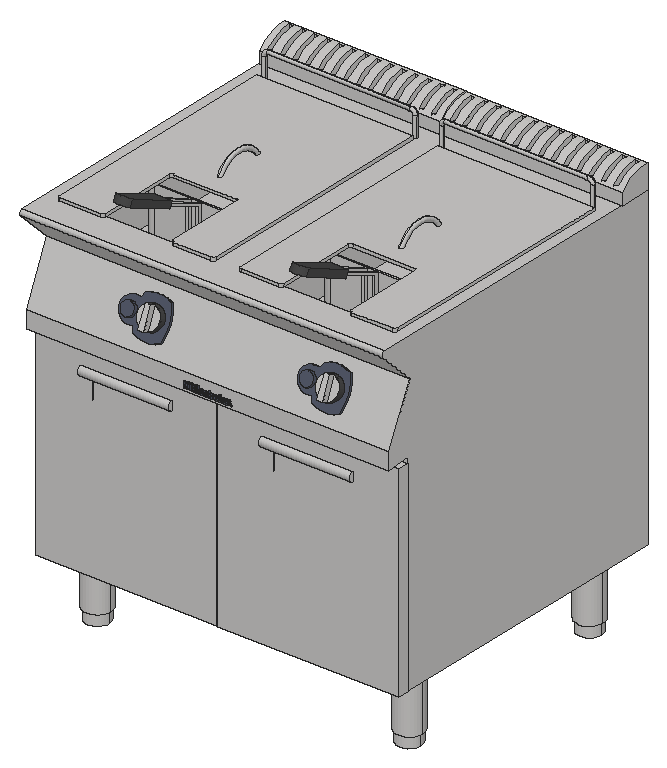
Revit family "QF_ELECTROLUXPROFESSIONAL_371071_E7FRGH2GF0", category Specialty Equipment, Revit 2018
Family settings
  Round Connector Dimension = Use Diameter
  Part Type = Normal
  Work Plane-Based = No
  Always vertical = Yes
  Cut with Voids When Loaded = No
  Shared = No
  Room Calculation Point = No
Parameters
  Width = 800 mm  # constant formula
  Weight in Pounds = 187  # constant formula
  Watts = 0 W
  URL Cutsheet = "www.electrolux.com/foodservice"
  URL = "www.electrolux.com/foodservice"
  Type Mark [instance] = ""
  Status [instance] = ""
  Specification by User [instance] = ""
  Specification by Manufacturer = ""
  Show Logo [instance] = yes
  Show Clearance [instance] = yes
  Serial Number = ""
  Seismic Rating = ""
  SMACNA No = ""
  Revision Code [instance] = ""
  Omniclass Number and Title = ""
  NAFEM Spec ID Number = ""
  Model = "371071"
  Mechanical Remarks [instance] = ""
  Mechanical Connection Type [instance] = ""
  Masterspec = ""
  Manufacturer = "ELECTROLUX"
  Item Number [instance] = ""
  Installed By [instance] = ""
  Identify Quantity as Lot [instance] = yes
  Height = 333 mm  # constant formula
  HP = "0 HP"
  Gas Size = 12.7 mm  # 1/2"
  Gas RI Height [instance] = 0 mm
  Gas KW [instance] = 28  # constant formula
  Gas Input [instance] = 27974.2 VA  # 95452.0 Btu/h
  Gas Connection Height = 0 mm
  Furnished By [instance] = ""
  Foodservice Equipment Identifier [instance] = yes
  Direct Waste Size = 0"
  Description = "700XP Two 15 Lt. Wells Freestanding Gas Fryer - LPG/Natural Gas"
  Depth = 730 mm  # constant formula
  CSI MasterFormat = ""
  CSI Master Format = ""
  Base Height [instance] = 150 mm  # constant formula
Reference planes
  plane 1 "BACK": y = 0
  plane 2: z = 0
  plane 3 "LEFT": x = 0
  plane 4 "RIGHT": x = 800
  plane 5 "FRONT": y = -730
  plane 6 "TOP": z = 905.238
  plane 7 "Center Y": x = 400
  plane 8 "Center X": y = -365
  plane 9 "BASE": z = 601
  plane 10 "TOP A": z = 850.238
  plane 11: y = -597.884
  plane 12: y = -147.637
  plane 13: z = 942.313
  plane 14: z = 150
Forms (mm)
  Extrusion 1, solid, material "QF_Finishes_Stainless Steel"
    sketch origin (0, 0, 0) x (0, 1, 0) y (0, 0, 1)
      loop
        line (0, 850.237) -> (-725.027, 850.237)
        arc (-725.027, 850.237) -> (-730.893, 846.318) -> (-729.517, 839.397) r 6.35
        line (-729.517, 839.397) -> (-657.416, 767.047) -> (-713.522, 646.19) -> (-713.522, 608.09) -> (-660.4, 613.7) -> (-660.4, 150) -> (0, 150) -> (0, 850.237)
      loop
        line (-661.987, 601) -> (-687.387, 601) -> (-687.387, 150) -> (-661.987, 150) -> (-661.987, 601)
    from 0 to 800
  Extrusion 2, solid, material "QF_Finishes_Stainless Steel"
    sketch origin (0, 0, 0) x (0, 1, 0) y (0, 0, 1)
      loop
        line (0, 850.237) -> (0, 905.237)
        arc (0, 905.237) -> (-38.078, 897.879) -> (-69.85, 875.637) r 93.057
        line (-69.85, 875.637) -> (-69.85, 850.237) -> (0, 850.237)
    from 0 to 800
  Extrusion 3, void
    sketch origin (0, 0, 850.238) x (-1, 0, 0) y (0, -1, 0)
      loop
        line (-33.338, 147.762) -> (-33.338, 655.762) -> (-373.012, 655.762) -> (-373.012, 147.762) -> (-33.338, 147.762)
      loop
        line (-766.662, 655.762) -> (-766.662, 147.762) -> (-426.988, 147.762) -> (-426.988, 655.762) -> (-766.662, 655.762)
    from 0 to -152.4
  Extrusion 4, void
    sketch origin (0, 0, 850.238) x (-1, 0, 0) y (0, -1, 0)
      loop
        line (-13.453, 6.761) -> (-13.453, 63.911) -> (-22.749, 63.911) -> (-22.749, 6.761) -> (-13.453, 6.761)
    from 25.4 to 63.5
  Extrusion 5, solid, material "QF_Finishes_Clearance", visible <- "Show Clearance", detail levels coarse
    sketch origin (0, 0, 0) x (1, 0, 0) y (0, 1, 0)
      loop
        line (0, -731.377) -> (0, 0) -> (800, 0) -> (800, -731.377) -> (950.019, -731.377) -> (950.019, 150.019) -> (-150.019, 150.019) -> (-150.019, -731.377) -> (0, -731.377)
    from 0 to 905.237
  Extrusion 6, solid, material "QF_Finishes_Stainless Steel"
    sketch origin (-77.88, -4572, 850.238) x (-1, 0, 0) y (0, -1, 0)
      loop
        arc (-104.867, -3916.238) -> (-106.727, -3911.748) -> (-111.217, -3909.888) r 6.35
        line (-111.217, -3909.888) -> (-200.117, -3909.888)
        arc (-200.117, -3909.888) -> (-204.607, -3911.748) -> (-206.467, -3916.238) r 6.35
        line (-206.467, -3916.238) -> (-206.467, -4090.988)
        arc (-206.467, -4090.988) -> (-208.327, -4095.479) -> (-212.817, -4097.338) r 6.35
        line (-212.817, -4097.338) -> (-349.292, -4097.338)
        arc (-349.292, -4097.338) -> (-353.782, -4095.479) -> (-355.642, -4090.988) r 6.35
        line (-355.642, -4090.988) -> (-355.642, -3916.238)
        arc (-355.642, -3916.238) -> (-357.502, -3911.748) -> (-361.992, -3909.888) r 6.35
        line (-361.992, -3909.888) -> (-444.542, -3909.888)
        arc (-444.542, -3909.888) -> (-449.032, -3911.748) -> (-450.892, -3916.238) r 6.35
        line (-450.892, -3916.238) -> (-450.892, -4459.163) -> (-104.867, -4459.163) -> (-104.867, -3916.238)
      loop
        line (-850.892, -3916.238) -> (-850.892, -4459.163) -> (-504.867, -4459.163) -> (-504.867, -3916.238)
        arc (-504.867, -3916.238) -> (-506.727, -3911.748) -> (-511.217, -3909.888) r 6.35
        line (-511.217, -3909.888) -> (-593.767, -3909.888)
        arc (-593.767, -3909.888) -> (-598.257, -3911.748) -> (-600.117, -3916.238) r 6.35
        line (-600.117, -3916.238) -> (-600.117, -4090.988)
        arc (-600.117, -4090.988) -> (-601.977, -4095.479) -> (-606.467, -4097.338) r 6.35
        line (-606.467, -4097.338) -> (-742.942, -4097.338)
        arc (-742.942, -4097.338) -> (-747.432, -4095.479) -> (-749.292, -4090.988) r 6.35
        line (-749.292, -4090.988) -> (-749.292, -3916.238)
        arc (-749.292, -3916.238) -> (-751.152, -3911.748) -> (-755.642, -3909.888) r 6.35
        line (-755.642, -3909.888) -> (-844.542, -3909.888)
        arc (-844.542, -3909.888) -> (-849.032, -3911.748) -> (-850.892, -3916.238) r 6.35
    from 0 to 6.35
  Sweep 7, solid, material "QF_Finishes_Stainless Steel"
    path origin (0, 36.513, 0) x (1, 0, 0) y (0, 0, 1)
      loop
        line (39.688, 850.238) -> (39.688, 895.713)
        arc (39.688, 895.713) -> (41.547, 900.203) -> (46.038, 902.063) r 6.35
        line (46.038, 902.063) -> (362.669, 902.063)
        arc (362.669, 902.063) -> (367.16, 900.203) -> (369.019, 895.713) r 6.35
        line (369.019, 895.713) -> (369.019, 850.237)
    profile origin (39.688, 36.513, 872.975) x (-1, 0, 0) y (0, -1, 0)
      loop
        circle (2.09, 140.754) r 3.827
  Extrusion 8, solid, material "QF_Finishes_Black"
    sketch origin (271.462, -708.83, 942.26) x (0, 0.906308, -0.422618) y (-1, 0, 0)
      loop
        line (10.103, 47.37) -> (128.716, 47.37) -> (128.716, 84.605) -> (10.103, 84.605)
        arc (10.103, 84.605) -> (-0.124, 65.987) -> (10.103, 47.37) r 22.059
    from -15.884 to 0
  Extrusion 9, solid, material "QF_Finishes_Stainless Steel"
    sketch origin (271.463, 41.275, 0) x (0, 1, 0) y (0, 0, 1)
      loop
        line (-547.91, 741.238) -> (-547.91, 842.715) -> (-635.463, 883.542) -> (-638.147, 877.787) -> (-554.26, 838.67) -> (-554.26, 741.238) -> (-547.91, 741.238)
    from -80.476 to -74.619
  Extrusion 10, solid, material "QF_Finishes_Stainless Steel"
    sketch origin (139.588, 41.275, 0) x (0, 1, 0) y (0, 0, -1)
      loop
        line (-554.26, -838.67) -> (-638.147, -877.787) -> (-635.463, -883.542) -> (-547.91, -842.715) -> (-547.91, -741.238) -> (-554.26, -741.238) -> (-554.26, -838.67)
    from -80.476 to -74.619
  Sweep 11, solid, material "QF_Finishes_Stainless Steel"
    path origin (200.025, -0.124, 0) x (0, 1, 0) y (0, 0, 1)
      loop
        arc (-323.261, 850.238) -> (-377.7, 884.016) -> (-432.139, 850.238) r 60.757
    profile origin (200.025, -377.824, 884.016) x (0, 0, -1) y (1, 0, 0)
      loop
        circle (0, 0) r 4.353
  Sweep 12, solid, material "QF_Finishes_Stainless Steel"
    path origin (600.075, -0.124, 0) x (0, 1, 0) y (0, 0, -1)
      loop
        arc (-323.261, -850.238) -> (-377.7, -884.016) -> (-432.139, -850.238) r 60.757
    profile origin (600.075, -377.824, 884.016) x (0, 0, 1) y (-1, 0, 0)
      loop
        circle (0, 0) r 4.353
  Extrusion 13, solid, material "QF_Finishes_Black"
    sketch origin (528.637, -708.83, 942.26) x (0, 0.906308, -0.422618) y (-1, 0, 0)
      loop
        arc (10.103, -47.27) -> (-0.124, -65.887) -> (10.103, -84.505) r 22.059
        line (10.103, -84.505) -> (128.716, -84.505) -> (128.716, -47.27) -> (10.103, -47.27)
    from -15.884 to 0
  Extrusion 14, solid, material "QF_Finishes_Mesh"
    sketch origin (0, 0, 850.238) x (-1, 0, 0) y (0, -1, 0)
      loop
        arc (-116.625, 189.135) -> (-98.665, 196.575) -> (-91.225, 214.535) r 25.4
        line (-91.225, 214.535) -> (-91.225, 481.11)
        arc (-91.225, 481.11) -> (-98.665, 499.071) -> (-116.625, 506.51) r 25.4
        line (-116.625, 506.51) -> (-294.375, 506.51)
        arc (-294.375, 506.51) -> (-312.336, 499.071) -> (-319.775, 481.11) r 25.4
        line (-319.775, 481.11) -> (-319.775, 214.535)
        arc (-319.775, 214.535) -> (-312.336, 196.575) -> (-294.375, 189.135) r 25.4
        line (-294.375, 189.135) -> (-116.625, 189.135)
      loop
        arc (-116.625, 192.31) -> (-100.91, 198.82) -> (-94.4, 214.535) r 22.225
        line (-94.4, 214.535) -> (-94.4, 481.11)
        arc (-94.4, 481.11) -> (-100.91, 496.826) -> (-116.625, 503.335) r 22.225
        line (-116.625, 503.335) -> (-294.375, 503.335)
        arc (-294.375, 503.335) -> (-310.091, 496.826) -> (-316.6, 481.11) r 22.225
        line (-316.6, 481.11) -> (-316.6, 214.535)
        arc (-316.6, 214.535) -> (-310.091, 198.82) -> (-294.375, 192.31) r 22.225
        line (-294.375, 192.31) -> (-116.625, 192.31)
      loop
        line (-683.375, 189.135) -> (-505.625, 189.135)
        arc (-505.625, 189.135) -> (-487.664, 196.575) -> (-480.225, 214.535) r 25.4
        line (-480.225, 214.535) -> (-480.225, 481.11)
        arc (-480.225, 481.11) -> (-487.664, 499.071) -> (-505.625, 506.51) r 25.4
        line (-505.625, 506.51) -> (-683.375, 506.51)
        arc (-683.375, 506.51) -> (-701.335, 499.071) -> (-708.775, 481.11) r 25.4
        line (-708.775, 481.11) -> (-708.775, 214.535)
        arc (-708.775, 214.535) -> (-701.335, 196.575) -> (-683.375, 189.135) r 25.4
      loop
        line (-683.375, 192.31) -> (-505.625, 192.31)
        arc (-505.625, 192.31) -> (-489.909, 198.82) -> (-483.4, 214.535) r 22.225
        line (-483.4, 214.535) -> (-483.4, 481.11)
        arc (-483.4, 481.11) -> (-489.909, 496.826) -> (-505.625, 503.335) r 22.225
        line (-505.625, 503.335) -> (-683.375, 503.335)
        arc (-683.375, 503.335) -> (-699.09, 496.826) -> (-705.6, 481.11) r 22.225
        line (-705.6, 481.11) -> (-705.6, 214.535)
        arc (-705.6, 214.535) -> (-699.09, 198.82) -> (-683.375, 192.31) r 22.225
    from -109 to -5.315
  Extrusion 15, solid, material "QF_Finishes_Stainless Steel"
    sketch origin (528.637, 41.275, 0) x (0, 1, 0) y (0, 0, -1)
      loop
        line (-547.91, -741.238) -> (-554.26, -741.238) -> (-554.26, -838.67) -> (-638.147, -877.787) -> (-635.463, -883.542) -> (-547.91, -842.715) -> (-547.91, -741.238)
    from -80.476 to -74.619
  Extrusion 16, solid, material "QF_Finishes_Stainless Steel"
    sketch origin (660.512, 41.275, 0) x (0, 1, 0) y (0, 0, 1)
      loop
        line (-554.26, 838.67) -> (-554.26, 741.238) -> (-547.91, 741.238) -> (-547.91, 842.715) -> (-635.463, 883.542) -> (-638.147, 877.787) -> (-554.26, 838.67)
    from -80.476 to -74.619
  Sweep 17, solid, material "QF_Finishes_Stainless Steel"
    path origin (800.1, 36.513, 0) x (-1, 0, 0) y (0, 0, -1)
      loop
        line (39.788, -850.238) -> (39.788, -895.713)
        arc (39.788, -895.713) -> (41.647, -900.203) -> (46.138, -902.063) r 6.35
        line (46.138, -902.063) -> (362.769, -902.063)
        arc (362.769, -902.063) -> (367.26, -900.203) -> (369.119, -895.713) r 6.35
        line (369.119, -895.713) -> (369.119, -850.237)
    profile origin (760.312, 36.513, 872.975) x (-1, 0, 0) y (0, -1, 0)
      loop
        circle (-2.09, 140.754) r 3.827
  Extrusion 18, void
    sketch origin (361.95, 0, 850.237) x (-1, 0, 0) y (0, -1, 0)
      loop
        line (-13.403, 6.761) -> (-13.403, 63.911) -> (-22.699, 63.911) -> (-22.699, 6.761) -> (-13.403, 6.761)
    from 25.4 to 63.5
  Extrusion 19, void
    sketch origin (27.842, 0, 850.238) x (-1, 0, 0) y (0, -1, 0)
      loop
        line (-13.453, 6.761) -> (-13.453, 63.911) -> (-22.749, 63.911) -> (-22.749, 6.761) -> (-13.453, 6.761)
    from 25.4 to 63.5
  Extrusion 20, void
    sketch origin (55.685, 0, 850.238) x (-1, 0, 0) y (0, -1, 0)
      loop
        line (-13.453, 6.761) -> (-13.453, 63.911) -> (-22.749, 63.911) -> (-22.749, 6.761) -> (-13.453, 6.761)
    from 25.4 to 63.5
  Extrusion 21, void
    sketch origin (83.527, 0, 850.238) x (-1, 0, 0) y (0, -1, 0)
      loop
        line (-13.453, 6.761) -> (-13.453, 63.911) -> (-22.749, 63.911) -> (-22.749, 6.761) -> (-13.453, 6.761)
    from 25.4 to 63.5
  Extrusion 22, void
    sketch origin (111.369, 0, 850.237) x (-1, 0, 0) y (0, -1, 0)
      loop
        line (-13.453, 6.761) -> (-13.453, 63.911) -> (-22.749, 63.911) -> (-22.749, 6.761) -> (-13.453, 6.761)
    from 25.4 to 63.5
  Extrusion 23, void
    sketch origin (139.212, 0, 850.237) x (-1, 0, 0) y (0, -1, 0)
      loop
        line (-13.453, 6.761) -> (-13.453, 63.911) -> (-22.749, 63.911) -> (-22.749, 6.761) -> (-13.453, 6.761)
    from 25.4 to 63.5
  Extrusion 24, void
    sketch origin (167.054, 0, 850.237) x (-1, 0, 0) y (0, -1, 0)
      loop
        line (-13.453, 6.761) -> (-13.453, 63.911) -> (-22.749, 63.911) -> (-22.749, 6.761) -> (-13.453, 6.761)
    from 25.4 to 63.5
  Extrusion 25, void
    sketch origin (194.896, 0, 850.237) x (-1, 0, 0) y (0, -1, 0)
      loop
        line (-13.403, 6.761) -> (-13.403, 63.911) -> (-22.699, 63.911) -> (-22.699, 6.761) -> (-13.403, 6.761)
    from 25.4 to 63.5
  Extrusion 26, void
    sketch origin (222.738, 0, 850.237) x (-1, 0, 0) y (0, -1, 0)
      loop
        line (-13.403, 6.761) -> (-13.403, 63.911) -> (-22.699, 63.911) -> (-22.699, 6.761) -> (-13.403, 6.761)
    from 25.4 to 63.5
  Extrusion 27, void
    sketch origin (250.581, 0, 850.237) x (-1, 0, 0) y (0, -1, 0)
      loop
        line (-13.403, 6.761) -> (-13.403, 63.911) -> (-22.699, 63.911) -> (-22.699, 6.761) -> (-13.403, 6.761)
    from 25.4 to 63.5
  Extrusion 28, void
    sketch origin (278.423, 0, 850.237) x (-1, 0, 0) y (0, -1, 0)
      loop
        line (-13.403, 6.761) -> (-13.403, 63.911) -> (-22.699, 63.911) -> (-22.699, 6.761) -> (-13.403, 6.761)
    from 25.4 to 63.5
  Extrusion 29, void
    sketch origin (306.265, 0, 850.237) x (-1, 0, 0) y (0, -1, 0)
      loop
        line (-13.403, 6.761) -> (-13.403, 63.911) -> (-22.699, 63.911) -> (-22.699, 6.761) -> (-13.403, 6.761)
    from 25.4 to 63.5
  Extrusion 30, void
    sketch origin (334.108, 0, 850.237) x (-1, 0, 0) y (0, -1, 0)
      loop
        line (-13.403, 6.761) -> (-13.403, 63.911) -> (-22.699, 63.911) -> (-22.699, 6.761) -> (-13.403, 6.761)
    from 25.4 to 63.5
  Extrusion 31, void
    sketch origin (800.1, 0, 850.237) x (1, 0, 0) y (0, 1, 0)
      loop
        line (-13.553, -6.761) -> (-22.849, -6.761) -> (-22.849, -63.911) -> (-13.553, -63.911) -> (-13.553, -6.761)
    from 25.4 to 63.5
  Extrusion 32, void
    sketch origin (438.15, 0, 850.237) x (1, 0, 0) y (0, 1, 0)
      loop
        line (-13.503, -6.761) -> (-22.799, -6.761) -> (-22.799, -63.911) -> (-13.503, -63.911) -> (-13.503, -6.761)
    from 25.4 to 63.5
  Extrusion 33, void
    sketch origin (772.258, 0, 850.237) x (1, 0, 0) y (0, 1, 0)
      loop
        line (-13.553, -6.761) -> (-22.849, -6.761) -> (-22.849, -63.911) -> (-13.553, -63.911) -> (-13.553, -6.761)
    from 25.4 to 63.5
  Extrusion 34, void
    sketch origin (744.415, 0, 850.237) x (1, 0, 0) y (0, 1, 0)
      loop
        line (-13.553, -6.761) -> (-22.849, -6.761) -> (-22.849, -63.911) -> (-13.553, -63.911) -> (-13.553, -6.761)
    from 25.4 to 63.5
  Extrusion 35, void
    sketch origin (716.573, 0, 850.237) x (1, 0, 0) y (0, 1, 0)
      loop
        line (-13.553, -6.761) -> (-22.849, -6.761) -> (-22.849, -63.911) -> (-13.553, -63.911) -> (-13.553, -6.761)
    from 25.4 to 63.5
  Extrusion 36, void
    sketch origin (688.731, 0, 850.237) x (1, 0, 0) y (0, 1, 0)
      loop
        line (-13.553, -6.761) -> (-22.849, -6.761) -> (-22.849, -63.911) -> (-13.553, -63.911) -> (-13.553, -6.761)
    from 25.4 to 63.5
  Extrusion 37, void
    sketch origin (660.888, 0, 850.237) x (1, 0, 0) y (0, 1, 0)
      loop
        line (-13.553, -6.761) -> (-22.849, -6.761) -> (-22.849, -63.911) -> (-13.553, -63.911) -> (-13.553, -6.761)
    from 25.4 to 63.5
  Extrusion 38, void
    sketch origin (633.046, 0, 850.237) x (1, 0, 0) y (0, 1, 0)
      loop
        line (-13.553, -6.761) -> (-22.849, -6.761) -> (-22.849, -63.911) -> (-13.553, -63.911) -> (-13.553, -6.761)
    from 25.4 to 63.5
  Extrusion 39, void
    sketch origin (605.204, 0, 850.237) x (1, 0, 0) y (0, 1, 0)
      loop
        line (-13.503, -6.761) -> (-22.799, -6.761) -> (-22.799, -63.911) -> (-13.503, -63.911) -> (-13.503, -6.761)
    from 25.4 to 63.5
  Extrusion 40, void
    sketch origin (577.362, 0, 850.237) x (1, 0, 0) y (0, 1, 0)
      loop
        line (-13.503, -6.761) -> (-22.799, -6.761) -> (-22.799, -63.911) -> (-13.503, -63.911) -> (-13.503, -6.761)
    from 25.4 to 63.5
  Extrusion 41, void
    sketch origin (549.519, 0, 850.237) x (1, 0, 0) y (0, 1, 0)
      loop
        line (-13.503, -6.761) -> (-22.799, -6.761) -> (-22.799, -63.911) -> (-13.503, -63.911) -> (-13.503, -6.761)
    from 25.4 to 63.5
  Extrusion 42, void
    sketch origin (521.677, 0, 850.237) x (1, 0, 0) y (0, 1, 0)
      loop
        line (-13.503, -6.761) -> (-22.799, -6.761) -> (-22.799, -63.911) -> (-13.503, -63.911) -> (-13.503, -6.761)
    from 25.4 to 63.5
  Extrusion 43, void
    sketch origin (493.835, 0, 850.237) x (1, 0, 0) y (0, 1, 0)
      loop
        line (-13.503, -6.761) -> (-22.799, -6.761) -> (-22.799, -63.911) -> (-13.503, -63.911) -> (-13.503, -6.761)
    from 25.4 to 63.5
  Extrusion 44, void
    sketch origin (465.992, 0, 850.237) x (1, 0, 0) y (0, 1, 0)
      loop
        line (-13.503, -6.761) -> (-22.799, -6.761) -> (-22.799, -63.911) -> (-13.503, -63.911) -> (-13.503, -6.761)
    from 25.4 to 63.5
  Extrusion 45, void
    sketch origin (418.151, 0, 850.237) x (1, 0, 0) y (0, 1, 0)
      loop
        line (-16.563, 0) -> (-19.738, 0) -> (-19.738, -69.85) -> (-16.563, -69.85) -> (-16.563, 0)
    from 25.4 to 63.5
  Extrusion 46, void
    sketch origin (0, -660.4, 601) x (0, 0, 1) y (-1, 0, 0)
      loop
        line (0, -398.363) -> (-451, -398.363) -> (-451, -401.538) -> (0, -401.538) -> (0, -398.363)
    from 0 to 27
  Extrusion 47, void
    sketch origin (200.025, 0, 0) x (0, 1, 0) y (0, 0, 1)
      loop
        line (-687.137, 541) -> (-687.137, 499.788) -> (-672.137, 541) -> (-687.137, 541)
    from -75 to 75
  Extrusion 48, solid, material "QF_Finishes_Stainless Steel"
    sketch origin (200.025, 0, 0) x (0, 1, 0) y (0, 0, 1)
      loop
        line (-687.137, 541) -> (-687.137, 561)
        arc (-687.137, 561) -> (-697.137, 551) -> (-687.137, 541) r 10
    from -100 to 100
  Extrusion 49, void
    sketch origin (600.075, 0, 0) x (0, 1, 0) y (0, 0, -1)
      loop
        line (-687.137, -541) -> (-672.137, -541) -> (-687.137, -499.788) -> (-687.137, -541)
    from -75 to 75
  Extrusion 50, solid, material "QF_Finishes_Stainless Steel"
    sketch origin (600.075, 0, 0) x (0, 1, 0) y (0, 0, -1)
      loop
        arc (-687.137, -541) -> (-697.137, -551) -> (-687.137, -561) r 10
        line (-687.137, -561) -> (-687.137, -541)
    from -100 to 100
  Revolve 51, solid, material "QF_Finishes_Stainless Steel"
    sketch origin (0, -587.387, 608.09) x (0, 0, 1) y (-1, 0, 0)
      loop
        line (-608.09, -56) -> (-458.09, -56) -> (-458.09, -26) -> (-583.09, -26) -> (-583.09, -29.75) -> (-608.09, -29.75) -> (-608.09, -56)
      axis (-608.09, -56) -> (-458.09, -56)
    angle from 0 to 360
  Revolve 52, solid, material "QF_Finishes_Stainless Steel"
    sketch origin (0, -90, 608.09) x (0, 0, 1) y (-1, 0, 0)
      loop
        line (-608.09, -56) -> (-458.09, -56) -> (-458.09, -26) -> (-583.09, -26) -> (-583.09, -29.75) -> (-608.09, -29.75) -> (-608.09, -56)
      axis (-608.09, -56) -> (-458.09, -56)
    angle from 0 to 360
  Revolve 53, solid, material "QF_Finishes_Stainless Steel"
    sketch origin (800.1, -587.387, 608.09) x (0, 0, 1) y (-1, 0, 0)
      loop
        line (-608.09, 56.1) -> (-608.09, 29.85) -> (-583.09, 29.85) -> (-583.09, 26.1) -> (-458.09, 26.1) -> (-458.09, 56.1) -> (-608.09, 56.1)
      axis (-608.09, 56.1) -> (-458.09, 56.1)
    angle from 0 to 360
  Revolve 54, solid, material "QF_Finishes_Stainless Steel"
    sketch origin (800.1, -90, 608.09) x (0, 0, 1) y (-1, 0, 0)
      loop
        line (-608.09, 56.1) -> (-608.09, 29.85) -> (-583.09, 29.85) -> (-583.09, 26.1) -> (-458.09, 26.1) -> (-458.09, 56.1) -> (-608.09, 56.1)
      axis (-608.09, 56.1) -> (-458.09, 56.1)
    angle from 0 to 360
  Extrusion 55, solid, material "QF_Finishes_Door Clearance", visible <- "Show Clearance", detail levels coarse
    sketch origin (0, 0, 850.238) x (-1, 0, 0) y (0, -1, 0)
      loop
        arc (-401.587, 687.137) -> (-518.28, 968.858) -> (-800, 1085.55) r 398.413
        line (-800, 1085.55) -> (-800, 687.137) -> (-401.587, 687.137)
      loop
        line (-398.412, 687.138) -> (0, 687.137) -> (0, 1085.55)
        arc (0, 1085.55) -> (-281.72, 968.858) -> (-398.412, 687.138) r 398.412
    from -700.237 to -249.237
  Extrusion 56, solid, material "QF_Finishes_Stainless Steel"
    sketch origin (-77.88, -4572, 150) x (-1, 0, 0) y (0, -1, 0)
      loop
        circle (-832.88, -4055) r 6.35
    from 0 to -12.7
  Extrusion 57, solid, material "QF_Finishes_Navy Blue"
    sketch origin (97.175, -713.796, 646.138) x (0, 0.422618, 0.906308) y (-1, 0, 0)
      loop
        arc (105.947, -132.617) -> (100.966, -130.409) -> (95.863, -128.501) r 91.844
        line (95.863, -128.501) -> (95.863, -113.213)
        arc (95.863, -113.213) -> (69.246, -86.596) -> (42.629, -113.213) r 26.617
        line (42.629, -113.213) -> (42.629, -126.69)
        arc (42.629, -126.69) -> (36.919, -128.411) -> (31.333, -130.498) r 91.844
        arc (31.333, -130.498) -> (24.206, -161.14) -> (31.333, -191.783) r 69.441
        arc (31.333, -191.783) -> (68.854, -198.494) -> (105.947, -189.715) r 93.759
        arc (105.947, -189.715) -> (112.176, -161.166) -> (105.947, -132.617) r 68.543
    from 0 to 3.175
  Extrusion 58, solid, material "QF_Finishes_Stainless Steel"
    sketch origin (97.175, -716.674, 647.48) x (0, 0.422618, 0.906308) y (-1, 0, 0)
      loop
        circle (68.826, -160.963) r 25.4
    from 0 to 12.7
  Extrusion 59, solid, material "QF_Finishes_Stainless Steel"
    sketch origin (97.175, -728.184, 652.847) x (0, 0.422618, 0.906308) y (-1, 0, 0)
      loop
        arc (93.558, -166.749) -> (94.226, -160.963) -> (93.558, -155.177) r 25.4
        line (93.558, -155.177) -> (44.094, -155.177)
        arc (44.094, -155.177) -> (43.426, -160.963) -> (44.094, -166.749) r 25.4
        line (44.094, -166.749) -> (93.558, -166.749)
    from 0 to 12.7
  Extrusion 60, solid, material "QF_Finishes_Navy Blue"
    sketch origin (52.175, -716.674, 647.48) x (0, 0.422618, 0.906308) y (-1, 0, 0)
      loop
        circle (68.826, -154.713) r 15
    from 0 to 6.4
  Extrusion 61, solid, material "QF_Finishes_Navy Blue"
    sketch origin (492.175, -713.796, 646.138) x (0, 0.422618, 0.906308) y (-1, 0, 0)
      loop
        arc (105.947, -132.567) -> (100.966, -130.359) -> (95.863, -128.451) r 91.844
        line (95.863, -128.451) -> (95.863, -113.163)
        arc (95.863, -113.163) -> (69.246, -86.546) -> (42.629, -113.163) r 26.617
        line (42.629, -113.163) -> (42.629, -126.64)
        arc (42.629, -126.64) -> (36.919, -128.361) -> (31.333, -130.448) r 91.844
        arc (31.333, -130.448) -> (24.206, -161.09) -> (31.333, -191.733) r 69.441
        arc (31.333, -191.733) -> (68.854, -198.444) -> (105.947, -189.665) r 93.759
        arc (105.947, -189.665) -> (112.176, -161.116) -> (105.947, -132.567) r 68.543
    from 0 to 3.175
  Extrusion 62, solid, material "QF_Finishes_Stainless Steel"
    sketch origin (492.175, -716.674, 647.48) x (0, 0.422618, 0.906308) y (-1, 0, 0)
      loop
        circle (68.826, -160.963) r 25.4
    from 0 to 12.7
  Extrusion 63, solid, material "QF_Finishes_Stainless Steel"
    sketch origin (492.175, -728.184, 652.847) x (0, 0.422618, 0.906308) y (-1, 0, 0)
      loop
        arc (93.558, -166.749) -> (94.226, -160.963) -> (93.558, -155.177) r 25.4
        line (93.558, -155.177) -> (44.094, -155.177)
        arc (44.094, -155.177) -> (43.426, -160.963) -> (44.094, -166.749) r 25.4
        line (44.094, -166.749) -> (93.558, -166.749)
    from 0 to 12.7
  Extrusion 64, solid, material "QF_Finishes_Navy Blue"
    sketch origin (447.175, -716.674, 647.48) x (0, 0.422618, 0.906308) y (-1, 0, 0)
      loop
        circle (68.826, -154.713) r 15
    from 0 to 6.4
  Extrusion 65, solid, material "QF_Finishes_Navy Blue", visible <- "Show Logo"
    sketch origin (60.791, -713.772, 608.09) x (0, 0, 1) y (-1, 0, 0)
      loop
        line (20.674, -296.698) -> (8.307, -296.698)
        arc (8.307, -296.698) -> (14.491, -301.27) -> (20.674, -296.698) r 6.467
      loop
        arc (20.674, -296.069) -> (19.505, -290.926) -> (14.849, -288.448) r 6.338
        line (14.849, -288.448) -> (14.849, -290.494)
        arc (14.849, -290.494) -> (16.333, -294.149) -> (19.778, -296.069) r 5.941
        line (19.778, -296.069) -> (20.674, -296.069)
      loop
        arc (9.203, -296.069) -> (12.648, -294.149) -> (14.132, -290.494) r 5.941
        line (14.132, -290.494) -> (14.132, -288.448)
        arc (14.132, -288.448) -> (9.438, -290.922) -> (8.148, -296.069) r 6.504
        line (8.148, -296.069) -> (9.203, -296.069)
      loop
        line (21.349, -287.979) -> (7.604, -287.979) -> (7.604, -301.742) -> (21.349, -301.742) -> (21.349, -287.979)
      loop
        arc (21.432, -304.71) -> (21.085, -304.352) -> (20.718, -304.69) r 0.358
        arc (20.718, -304.69) -> (20.404, -305.44) -> (19.687, -305.825) r 1.216
        line (19.687, -305.825) -> (9.274, -305.825)
        arc (9.274, -305.825) -> (8.614, -305.548) -> (8.218, -304.951) r 1.238
        arc (8.218, -304.951) -> (7.823, -304.7) -> (7.518, -305.054) r 0.358
        line (7.518, -305.054) -> (7.518, -314.933) -> (10.269, -314.933) -> (10.269, -314.036)
        arc (10.269, -314.036) -> (9.36, -313.456) -> (8.904, -312.479) r 1.928
        line (8.904, -312.479) -> (8.904, -309.98)
        arc (8.904, -309.98) -> (9.18, -309.251) -> (9.868, -308.887) r 1.101
        line (9.868, -308.887) -> (13.955, -308.887) -> (13.955, -312.561)
        arc (13.955, -312.561) -> (13.602, -313.058) -> (13.037, -313.286) r 1.083
        arc (13.037, -313.286) -> (12.773, -313.591) -> (13.065, -313.869) r 0.292
        line (13.065, -313.869) -> (16.028, -313.869)
        arc (16.028, -313.869) -> (16.33, -313.596) -> (16.092, -313.266) r 0.305
        arc (16.092, -313.266) -> (15.601, -313.018) -> (15.296, -312.561) r 1.083
        line (15.296, -312.561) -> (15.296, -308.887) -> (19.973, -308.887) -> (19.973, -312.635)
        arc (19.973, -312.635) -> (19.759, -313.39) -> (19.153, -313.888) r 1.314
        arc (19.153, -313.888) -> (18.934, -314.292) -> (19.288, -314.585) r 0.361
        line (19.288, -314.585) -> (21.432, -314.585) -> (21.432, -304.71)
      loop
        arc (20.715, -315.365) -> (20.335, -316.284) -> (19.416, -316.664) r 1.299
        line (19.416, -316.664) -> (9.837, -316.664)
        arc (9.837, -316.664) -> (8.999, -316.286) -> (8.728, -315.408) r 1.118
        line (8.728, -315.408) -> (7.518, -315.408) -> (7.518, -320.758) -> (8.706, -320.758)
        arc (8.706, -320.758) -> (8.978, -319.841) -> (9.848, -319.445) r 1.153
        line (9.848, -319.445) -> (21.92, -319.445) -> (20.715, -315.365)
      loop
        line (12.483, -323.394) -> (12.483, -329.842) -> (13.282, -329.842)
        arc (13.282, -329.842) -> (15.862, -328.857) -> (17.131, -326.404) r 3.874
        line (17.131, -326.404) -> (17.131, -324.643)
        arc (17.131, -324.643) -> (15.944, -321.778) -> (13.08, -320.592) r 4.051
        line (13.08, -320.592) -> (11.072, -320.592)
        arc (11.072, -320.592) -> (8.253, -322.077) -> (7.202, -325.084) r 4.352
        arc (7.202, -325.084) -> (7.566, -327.547) -> (8.943, -329.621) r 5.713
        line (8.943, -329.621) -> (9.892, -329.621)
        arc (9.892, -329.621) -> (9.16, -328.052) -> (8.943, -326.334) r 5.579
        arc (8.943, -326.334) -> (9.737, -324.371) -> (11.616, -323.394) r 3.057
        line (11.616, -323.394) -> (12.483, -323.394)
      loop
        line (13.742, -323.394) -> (13.742, -326.977)
        arc (13.742, -326.977) -> (15.199, -327.024) -> (16.082, -325.864) r 1.59
        line (16.082, -325.864) -> (16.082, -325.034)
        arc (16.082, -325.034) -> (15.217, -323.779) -> (13.742, -323.394) r 2.184
      loop
        arc (16.533, -339.259) -> (17.022, -337.585) -> (17.179, -335.848) r 9.023
        line (17.179, -335.848) -> (17.179, -334.486)
        arc (17.179, -334.486) -> (16.02, -331.686) -> (13.22, -330.527) r 3.959
        line (13.22, -330.527) -> (10.62, -330.527)
        arc (10.62, -330.527) -> (8.338, -331.819) -> (7.221, -334.192) r 4.331
        line (7.221, -334.192) -> (7.221, -336.327)
        arc (7.221, -336.327) -> (7.729, -337.877) -> (8.651, -339.223) r 5.772
        arc (8.651, -339.223) -> (9.412, -339.274) -> (9.499, -338.515) r 0.553
        arc (9.499, -338.515) -> (9.111, -337.781) -> (8.977, -336.962) r 2.573
        line (8.977, -336.962) -> (8.977, -335.447)
        arc (8.977, -335.447) -> (9.983, -333.806) -> (11.798, -333.163) r 2.884
        line (11.798, -333.163) -> (13.077, -333.163)
        arc (13.077, -333.163) -> (14.898, -333.723) -> (15.824, -335.388) r 2.554
        line (15.824, -335.388) -> (15.824, -336.441)
        arc (15.824, -336.441) -> (15.493, -337.369) -> (14.836, -338.104) r 2.564
        arc (14.836, -338.104) -> (14.614, -338.821) -> (15.223, -339.259) r 0.643
        line (15.223, -339.259) -> (16.533, -339.259)
      loop
        line (15.515, -339.53) -> (15.515, -341.031) -> (9.467, -341.031)
        arc (9.467, -341.031) -> (7.879, -341.688) -> (7.221, -343.276) r 2.246
        line (7.221, -343.276) -> (7.221, -344.86)
        arc (7.221, -344.86) -> (7.535, -345.725) -> (8.035, -346.496) r 4.06
        arc (8.035, -346.496) -> (8.768, -346.629) -> (9.019, -345.928) r 0.576
        arc (9.019, -345.928) -> (8.913, -345.403) -> (8.977, -344.87) r 1.69
        arc (8.977, -344.87) -> (9.519, -344.082) -> (10.425, -343.779) r 1.506
        line (10.425, -343.779) -> (15.563, -343.779) -> (15.563, -346.176) -> (16.119, -346.733) -> (16.941, -346.733) -> (16.941, -343.873) -> (20.172, -343.873) -> (15.515, -339.53)
      loop
        line (7.438, -347.63) -> (7.438, -353.017) -> (8.548, -353.017)
        arc (8.548, -353.017) -> (8.942, -352.066) -> (9.893, -351.672) r 1.345
        line (9.893, -351.672) -> (13.509, -351.672)
        arc (13.509, -351.672) -> (14.274, -352.264) -> (14.564, -353.186) r 1.615
        line (14.564, -353.186) -> (14.564, -354.742) -> (17.119, -355.427) -> (17.119, -354.044) -> (15.177, -351.485) -> (17.057, -351.485) -> (16.773, -348.779)
        arc (16.773, -348.779) -> (16.333, -348.249) -> (15.674, -348.45) r 0.621
        arc (15.674, -348.45) -> (15.274, -348.792) -> (14.78, -348.975) r 1.501
        line (14.78, -348.975) -> (9.893, -348.975)
        arc (9.893, -348.975) -> (8.942, -348.581) -> (8.548, -347.63) r 1.345
        line (8.548, -347.63) -> (7.438, -347.63)
      loop
        line (13.54, -354.964) -> (10.848, -354.964)
        arc (10.848, -354.964) -> (8.403, -356.272) -> (7.269, -358.803) r 4.288
        arc (7.269, -358.803) -> (7.205, -360.183) -> (7.269, -361.563) r 15.022
        arc (7.269, -361.563) -> (8.403, -364.094) -> (10.848, -365.401) r 4.288
        line (10.848, -365.401) -> (13.54, -365.401)
        arc (13.54, -365.401) -> (15.986, -364.094) -> (17.119, -361.563) r 4.288
        arc (17.119, -361.563) -> (17.183, -360.183) -> (17.119, -358.803) r 15.022
        arc (17.119, -358.803) -> (15.986, -356.272) -> (13.54, -354.964) r 4.288
      loop
        line (13.745, -358.078) -> (10.643, -358.078)
        arc (10.643, -358.078) -> (8.486, -360.235) -> (10.643, -362.392) r 2.157
        line (10.643, -362.392) -> (13.745, -362.392)
        arc (13.745, -362.392) -> (15.902, -360.235) -> (13.745, -358.078) r 2.157
      loop
        arc (20.726, -365.26) -> (20.355, -366.154) -> (19.461, -366.524) r 1.264
        line (19.461, -366.524) -> (9.597, -366.524)
        arc (9.597, -366.524) -> (8.727, -366.127) -> (8.455, -365.211) r 1.153
        line (8.455, -365.211) -> (7.518, -365.211) -> (7.518, -370.319) -> (8.446, -370.319)
        arc (8.446, -370.319) -> (8.805, -369.547) -> (9.597, -369.232) r 1.153
        line (9.597, -369.232) -> (21.92, -369.232) -> (20.726, -365.26)
      loop
        arc (15.846, -369.857) -> (15.647, -370.921) -> (14.678, -371.403) r 1.215
        line (14.678, -371.403) -> (9.658, -371.403)
        arc (9.658, -371.403) -> (8.043, -372.051) -> (7.322, -373.634) r 2.338
        line (7.322, -373.634) -> (7.322, -375.148)
        arc (7.322, -375.148) -> (7.497, -376.152) -> (7.999, -377.038) r 2.979
        line (7.999, -377.038) -> (7.518, -378.835) -> (7.518, -380.524) -> (16.943, -380.524) -> (16.649, -376.32) -> (15.863, -376.32)
        arc (15.863, -376.32) -> (15.507, -377.156) -> (14.755, -377.665) r 1.605
        line (14.755, -377.665) -> (9.652, -377.665)
        arc (9.652, -377.665) -> (9.232, -376.728) -> (9.159, -375.704) r 2.94
        arc (9.159, -375.704) -> (9.72, -374.603) -> (10.873, -374.16) r 1.724
        line (10.873, -374.16) -> (17.07, -374.16) -> (15.846, -369.857)
      loop
        line (16.874, -381.377) -> (15.202, -383.423) -> (12.028, -385.729) -> (8.572, -382.617)
        arc (8.572, -382.617) -> (8.335, -382.223) -> (8.357, -381.764) r 0.789
        line (8.357, -381.764) -> (7.518, -381.764) -> (7.518, -385.309) -> (8.344, -385.309)
        arc (8.344, -385.309) -> (8.686, -384.947) -> (9.176, -385.039) r 0.52
        line (9.176, -385.039) -> (10.976, -386.51) -> (8.858, -387.886)
        arc (8.858, -387.886) -> (8.457, -387.576) -> (8.37, -387.076) r 0.7
        line (8.37, -387.076) -> (7.518, -387.076) -> (7.518, -393.003) -> (8.405, -393.003)
        arc (8.405, -393.003) -> (8.472, -392.344) -> (8.866, -391.813) r 1.247
        line (8.866, -391.813) -> (13.066, -388.532) -> (15.513, -390.585) -> (16.874, -392.327) -> (16.874, -388.604) -> (15.389, -389.026) -> (13.868, -387.749) -> (15.568, -386.559) -> (16.874, -387.336) -> (16.874, -381.377)
    from 0 to 1.644
Cuts and joins
  Extrusion 3, Extrusion 4, Extrusion 46, Extrusion 47, Extrusion 49 cuts Extrusion 1
  Extrusion 4, Extrusion 18, Extrusion 19, Extrusion 20, Extrusion 21, Extrusion 22, Extrusion 23, Extrusion 24, Extrusion 25, Extrusion 26, Extrusion 27, Extrusion 28, Extrusion 29, Extrusion 30, Extrusion 31, Extrusion 32, Extrusion 33, Extrusion 34, Extrusion 35, Extrusion 36, Extrusion 37, Extrusion 38, Extrusion 39, Extrusion 40, Extrusion 41, Extrusion 42, Extrusion 43, Extrusion 44, Extrusion 45 cuts Extrusion 2
  joined: Extrusion 6, Sweep 11, Sweep 12
  Extrusion 18, Extrusion 19, Extrusion 20, Extrusion 21, Extrusion 22, Extrusion 23, Extrusion 24, Extrusion 25, Extrusion 26, Extrusion 27, Extrusion 28, Extrusion 29, Extrusion 30, Extrusion 31, Extrusion 32, Extrusion 33, Extrusion 34, Extrusion 35, Extrusion 36, Extrusion 37, Extrusion 38, Extrusion 39, Extrusion 40, Extrusion 41, Extrusion 42, Extrusion 43, Extrusion 44, Extrusion 45, Extrusion 47, Extrusion 49 cuts Extrusion 5
  Extrusion 47, Extrusion 49 cuts Extrusion 48
  Extrusion 49 cuts Extrusion 50
Lines and regions (mm)
  symbolic lines, style "QF-Clearances", visible <- "Show Clearance", detail levels coarse
    curve 1: line (-150.019, 150.019, 850.238) -> (-150.019, -731.377, 850.238)
    curve 2: line (950.019, 150.019, 850.237) -> (-150.019, 150.019, 850.238)
    curve 3: line (950.019, -731.377, 850.237) -> (950.019, 150.019, 850.237)
  symbolic lines
    curve 4: line (0, 0, 850.238) -> (800, 0, 850.237)
    curve 5: line (0, -730, 850.238) -> (0, 0, 850.238)
    curve 6: line (800, -730, 850.237) -> (0, -730, 850.238)
    curve 7: line (800, 0, 850.237) -> (800, -730, 850.237)
    curve 8: line (22.699, -6.761, 850.238) -> (22.699, -63.911, 850.238)
    curve 9: line (13.403, -63.911, 850.238) -> (13.403, -6.761, 850.238)
    curve 10: line (13.403, -6.761, 850.238) -> (22.699, -6.761, 850.238)
    curve 11: line (26.988, -112.837, 850.238) -> (26.988, -655.762, 850.238)
    curve 12: arc (26.988, -655.762, 850.238) -> (28.847, -660.252, 850.238) -> (33.338, -662.112, 850.238) r 6.35
    curve 13: line (33.338, -662.112, 850.238) -> (122.188, -662.112, 850.237)
    curve 14: arc (122.188, -662.112, 850.237) -> (126.678, -660.252, 850.237) -> (128.538, -655.762, 850.237) r 6.35
    curve 15: line (128.538, -655.762, 850.237) -> (128.538, -481.012, 850.237)
    curve 16: arc (128.537, -481.012, 850.237) -> (130.397, -476.521, 850.237) -> (134.887, -474.662, 850.237) r 6.35
    curve 17: line (134.887, -474.662, 850.237) -> (271.412, -474.662, 850.237)
    curve 18: arc (271.412, -474.662, 850.237) -> (275.903, -476.521, 850.237) -> (277.762, -481.012, 850.237) r 6.35
    curve 19: line (277.762, -481.012, 850.237) -> (277.762, -655.762, 850.237)
    curve 20: arc (277.762, -655.762, 850.237) -> (279.622, -660.252, 850.237) -> (284.112, -662.112, 850.237) r 6.35
    curve 21: line (284.112, -662.112, 850.237) -> (366.662, -662.112, 850.237)
    curve 22: arc (366.662, -662.112, 850.237) -> (371.153, -660.252, 850.237) -> (373.012, -655.762, 850.237) r 6.35
    curve 23: line (373.012, -655.762, 850.237) -> (373.012, -112.837, 850.237)
    curve 24: line (373.012, -112.837, 850.237) -> (26.988, -112.837, 850.238)
    curve 25: line (0, -69.85, 850.238) -> (398.413, -69.85, 850.237)
    curve 26: line (224.093, -706.386, 850.237) -> (224.093, -592.174, 850.237)
    curve 27: line (224.093, -592.174, 850.237) -> (186.858, -592.174, 850.237)
    curve 28: line (186.858, -592.174, 850.237) -> (186.858, -706.386, 850.237)
    curve 29: spline (224.093, -706.386, 850.237) -> (221.86, -709.048, 850.237) -> (219.17, -711.336, 850.237) -> (216.096, -713.185, 850.237) -> (212.725, -714.544, 850.237) -> (209.152, -715.375, 850.237) -> (205.475, -715.655, 850.237) -> (201.799, -715.375, 850.237) -> (198.225, -714.544, 850.237) -> (194.855, -713.185, 850.237) -> (191.781, -711.336, 850.237) -> (189.09, -709.048, 850.237) -> (186.858, -706.386, 850.237)
    curve 30: line (128.538, -655.762, 850.237) -> (186.858, -655.762, 850.237)
    curve 31: line (224.093, -655.762, 850.237) -> (277.762, -655.762, 850.237)
    curve 32: line (196.794, -506.51, 850.237) -> (196.794, -592.174, 850.237)
    curve 33: line (190.937, -592.174, 850.237) -> (190.937, -506.51, 850.237)
    curve 34: line (220.014, -506.51, 850.237) -> (220.014, -592.174, 850.237)
    curve 35: line (214.157, -592.174, 850.237) -> (214.157, -506.51, 850.237)
    curve 36: spline (186.858, -699.673, 850.237) -> (189.09, -702.336, 850.237) -> (191.781, -704.623, 850.237) -> (194.855, -706.473, 850.237) -> (198.225, -707.832, 850.237) -> (201.799, -708.663, 850.237) -> (205.475, -708.942, 850.237) -> (209.152, -708.663, 850.237) -> (212.725, -707.832, 850.237) -> (216.096, -706.473, 850.237) -> (219.17, -704.623, 850.237) -> (221.86, -702.336, 850.237) -> (224.093, -699.673, 850.237)
    curve 37: line (195.52, -428.432, 850.237) -> (195.52, -326.969, 850.237)
    curve 38: line (204.418, -326.969, 850.237) -> (204.418, -428.432, 850.237)
    curve 39: arc (195.52, -428.432, 850.237) -> (199.969, -432.882, 850.237) -> (204.418, -428.432, 850.237) r 4.449
    curve 40: arc (195.52, -326.969, 850.237) -> (199.969, -322.52, 850.237) -> (204.418, -326.969, 850.237) r 4.449
    curve 41: line (128.538, -503.335, 850.237) -> (277.762, -503.335, 850.237)
    curve 42: line (128.538, -506.51, 850.237) -> (277.762, -506.51, 850.237)
    curve 43: line (773.013, -112.837, 850.237) -> (773.013, -655.762, 850.237)
    curve 44: arc (773.013, -655.762, 850.237) -> (771.153, -660.252, 850.237) -> (766.663, -662.112, 850.237) r 6.35
    curve 45: line (766.663, -662.112, 850.237) -> (677.763, -662.112, 850.237)
    curve 46: arc (677.763, -662.112, 850.237) -> (673.272, -660.252, 850.237) -> (671.413, -655.762, 850.237) r 6.35
    curve 47: line (671.413, -655.762, 850.237) -> (671.413, -481.012, 850.237)
    curve 48: arc (671.413, -481.012, 850.237) -> (669.553, -476.521, 850.237) -> (665.063, -474.662, 850.237) r 6.35
    curve 49: line (665.063, -474.662, 850.237) -> (528.538, -474.662, 850.237)
    curve 50: arc (528.538, -474.662, 850.237) -> (524.047, -476.521, 850.237) -> (522.188, -481.012, 850.237) r 6.35
    curve 51: line (522.188, -481.012, 850.237) -> (522.188, -655.762, 850.237)
    curve 52: arc (522.188, -655.762, 850.237) -> (520.328, -660.252, 850.237) -> (515.838, -662.112, 850.237) r 6.35
    curve 53: line (515.838, -662.112, 850.237) -> (433.338, -662.112, 850.237)
    curve 54: arc (433.338, -662.112, 850.237) -> (428.847, -660.252, 850.237) -> (426.988, -655.762, 850.237) r 6.35
    curve 55: line (426.988, -655.762, 850.237) -> (426.988, -112.837, 850.237)
    curve 56: line (426.988, -112.837, 850.237) -> (773.013, -112.837, 850.237)
    curve 57: line (575.857, -706.386, 850.237) -> (575.857, -592.174, 850.237)
    curve 58: line (575.857, -592.174, 850.237) -> (613.092, -592.174, 850.237)
    curve 59: line (613.092, -592.174, 850.237) -> (613.092, -706.386, 850.237)
    curve 60: spline (575.857, -706.386, 850.237) -> (578.09, -709.048, 850.237) -> (580.78, -711.336, 850.237) -> (583.854, -713.185, 850.237) -> (587.225, -714.544, 850.237) -> (590.798, -715.375, 850.237) -> (594.475, -715.655, 850.237) -> (598.151, -715.375, 850.237) -> (601.725, -714.544, 850.237) -> (605.095, -713.185, 850.237) -> (608.169, -711.336, 850.237) -> (610.86, -709.048, 850.237) -> (613.092, -706.386, 850.237)
    curve 61: line (671.413, -655.762, 850.237) -> (613.092, -655.762, 850.237)
    curve 62: line (575.857, -655.762, 850.237) -> (522.188, -655.762, 850.237)
    curve 63: line (603.156, -506.51, 850.237) -> (603.156, -592.174, 850.237)
    curve 64: line (609.013, -592.174, 850.237) -> (609.013, -506.51, 850.237)
    curve 65: line (579.936, -506.51, 850.237) -> (579.936, -592.174, 850.237)
    curve 66: line (585.793, -592.174, 850.237) -> (585.793, -506.51, 850.237)
    curve 67: spline (613.092, -699.673, 850.237) -> (610.86, -702.336, 850.237) -> (608.169, -704.623, 850.237) -> (605.095, -706.473, 850.237) -> (601.725, -707.832, 850.237) -> (598.151, -708.663, 850.237) -> (594.475, -708.942, 850.237) -> (590.798, -708.663, 850.237) -> (587.225, -707.832, 850.237) -> (583.854, -706.473, 850.237) -> (580.78, -704.623, 850.237) -> (578.09, -702.336, 850.237) -> (575.857, -699.673, 850.237)
    curve 68: line (604.43, -428.432, 850.237) -> (604.43, -326.969, 850.237)
    curve 69: line (595.532, -326.969, 850.237) -> (595.532, -428.432, 850.237)
    curve 70: arc (604.43, -428.432, 850.237) -> (599.981, -432.882, 850.237) -> (595.532, -428.432, 850.237) r 4.449
    curve 71: arc (604.43, -326.969, 850.237) -> (599.981, -322.52, 850.237) -> (595.532, -326.969, 850.237) r 4.449
    curve 72: line (671.413, -503.335, 850.237) -> (522.188, -503.335, 850.237)
    curve 73: line (671.413, -506.51, 850.237) -> (522.188, -506.51, 850.237)
    curve 74: line (37.598, -100.414, 850.238) -> (371.109, -100.414, 850.237)
    curve 75: line (37.598, -108.069, 850.238) -> (37.598, -100.414, 850.238)
    curve 76: line (371.109, -108.069, 850.237) -> (37.598, -108.069, 850.238)
    curve 77: line (371.109, -100.414, 850.237) -> (371.109, -108.069, 850.237)
    curve 78: line (428.891, -100.414, 850.237) -> (762.402, -100.414, 850.237)
    curve 79: line (428.891, -108.069, 850.237) -> (428.891, -100.414, 850.237)
    curve 80: line (762.402, -108.069, 850.237) -> (428.891, -108.069, 850.237)
    curve 81: line (762.402, -100.414, 850.237) -> (762.402, -108.069, 850.237)
    curve 82: line (384.649, -6.761, 850.237) -> (384.649, -63.911, 850.237)
    curve 83: line (375.353, -63.911, 850.237) -> (375.353, -6.761, 850.237)
    curve 84: line (375.353, -6.761, 850.237) -> (384.649, -6.761, 850.237)
    curve 85: line (50.541, -6.761, 850.238) -> (50.541, -63.911, 850.238)
    curve 86: line (41.245, -63.911, 850.238) -> (41.245, -6.761, 850.238)
    curve 87: line (41.245, -6.761, 850.238) -> (50.541, -6.761, 850.238)
    curve 88: line (78.383, -6.761, 850.238) -> (78.383, -63.911, 850.238)
    curve 89: line (69.087, -63.911, 850.238) -> (69.087, -6.761, 850.238)
    curve 90: line (69.087, -6.761, 850.238) -> (78.383, -6.761, 850.238)
    curve 91: line (106.225, -6.761, 850.237) -> (106.225, -63.911, 850.237)
    curve 92: line (96.93, -63.911, 850.238) -> (96.93, -6.761, 850.238)
    curve 93: line (96.93, -6.761, 850.238) -> (106.225, -6.761, 850.237)
    curve 94: line (134.068, -6.761, 850.237) -> (134.068, -63.911, 850.237)
    curve 95: line (124.772, -63.911, 850.237) -> (124.772, -6.761, 850.237)
    curve 96: line (124.772, -6.761, 850.237) -> (134.068, -6.761, 850.237)
    curve 97: line (161.91, -6.761, 850.237) -> (161.91, -63.911, 850.237)
    curve 98: line (152.614, -63.911, 850.237) -> (152.614, -6.761, 850.237)
    curve 99: line (152.614, -6.761, 850.237) -> (161.91, -6.761, 850.237)
    curve 100: line (189.752, -6.761, 850.237) -> (189.752, -63.911, 850.237)
    curve 101: line (180.457, -63.911, 850.237) -> (180.457, -6.761, 850.237)
    curve 102: line (180.457, -6.761, 850.237) -> (189.752, -6.761, 850.237)
    curve 103: line (217.595, -6.761, 850.237) -> (217.595, -63.911, 850.237)
    curve 104: line (208.299, -63.911, 850.237) -> (208.299, -6.761, 850.237)
    curve 105: line (208.299, -6.761, 850.237) -> (217.595, -6.761, 850.237)
    curve 106: line (245.437, -6.761, 850.237) -> (245.437, -63.911, 850.237)
    curve 107: line (236.141, -63.911, 850.237) -> (236.141, -6.761, 850.237)
    curve 108: line (236.141, -6.761, 850.237) -> (245.437, -6.761, 850.237)
    curve 109: line (273.279, -6.761, 850.237) -> (273.279, -63.911, 850.237)
    curve 110: line (263.984, -63.911, 850.237) -> (263.984, -6.761, 850.237)
    curve 111: line (263.984, -6.761, 850.237) -> (273.279, -6.761, 850.237)
    curve 112: line (301.122, -6.761, 850.237) -> (301.122, -63.911, 850.237)
    curve 113: line (291.826, -63.911, 850.237) -> (291.826, -6.761, 850.237)
    curve 114: line (291.826, -6.761, 850.237) -> (301.122, -6.761, 850.237)
    curve 115: line (328.964, -6.761, 850.237) -> (328.964, -63.911, 850.237)
    curve 116: line (319.668, -63.911, 850.237) -> (319.668, -6.761, 850.237)
    curve 117: line (319.668, -6.761, 850.237) -> (328.964, -6.761, 850.237)
    curve 118: line (356.806, -6.761, 850.237) -> (356.806, -63.911, 850.237)
    curve 119: line (347.511, -63.911, 850.237) -> (347.511, -6.761, 850.237)
    curve 120: line (347.511, -6.761, 850.237) -> (356.806, -6.761, 850.237)
    curve 121: line (777.251, -6.761, 850.237) -> (777.251, -63.911, 850.237)
    curve 122: line (786.547, -63.911, 850.237) -> (786.547, -6.761, 850.237)
    curve 123: line (786.547, -6.761, 850.237) -> (777.251, -6.761, 850.237)
    curve 124: line (415.301, -6.761, 850.237) -> (415.301, -63.911, 850.237)
    curve 125: line (424.597, -63.911, 850.237) -> (424.597, -6.761, 850.237)
    curve 126: line (424.597, -6.761, 850.237) -> (415.301, -6.761, 850.237)
    curve 127: line (749.409, -6.761, 850.237) -> (749.409, -63.911, 850.237)
    curve 128: line (758.705, -63.911, 850.237) -> (758.705, -6.761, 850.237)
    curve 129: line (758.705, -6.761, 850.237) -> (749.409, -6.761, 850.237)
    curve 130: line (721.567, -6.761, 850.237) -> (721.567, -63.911, 850.237)
    curve 131: line (730.863, -63.911, 850.237) -> (730.863, -6.761, 850.237)
    curve 132: line (730.863, -6.761, 850.237) -> (721.567, -6.761, 850.237)
    curve 133: line (693.725, -6.761, 850.237) -> (693.725, -63.911, 850.237)
    curve 134: line (703.02, -63.911, 850.237) -> (703.02, -6.761, 850.237)
    curve 135: line (703.02, -6.761, 850.237) -> (693.725, -6.761, 850.237)
    curve 136: line (665.882, -6.761, 850.237) -> (665.882, -63.911, 850.237)
    curve 137: line (675.178, -63.911, 850.237) -> (675.178, -6.761, 850.237)
    curve 138: line (675.178, -6.761, 850.237) -> (665.882, -6.761, 850.237)
    curve 139: line (638.04, -6.761, 850.237) -> (638.04, -63.911, 850.237)
    curve 140: line (647.336, -63.911, 850.237) -> (647.336, -6.761, 850.237)
    curve 141: line (647.336, -6.761, 850.237) -> (638.04, -6.761, 850.237)
    curve 142: line (610.198, -6.761, 850.237) -> (610.198, -63.911, 850.237)
    curve 143: line (619.493, -63.911, 850.237) -> (619.493, -6.761, 850.237)
    curve 144: line (619.493, -6.761, 850.237) -> (610.198, -6.761, 850.237)
    curve 145: line (582.355, -6.761, 850.237) -> (582.355, -63.911, 850.237)
    curve 146: line (591.651, -63.911, 850.237) -> (591.651, -6.761, 850.237)
    curve 147: line (591.651, -6.761, 850.237) -> (582.355, -6.761, 850.237)
    curve 148: line (554.513, -6.761, 850.237) -> (554.513, -63.911, 850.237)
    curve 149: line (563.809, -63.911, 850.237) -> (563.809, -6.761, 850.237)
    curve 150: line (563.809, -6.761, 850.237) -> (554.513, -6.761, 850.237)
    curve 151: line (526.671, -6.761, 850.237) -> (526.671, -63.911, 850.237)
    curve 152: line (535.966, -63.911, 850.237) -> (535.966, -6.761, 850.237)
    curve 153: line (535.966, -6.761, 850.237) -> (526.671, -6.761, 850.237)
    curve 154: line (498.828, -6.761, 850.237) -> (498.828, -63.911, 850.237)
    curve 155: line (508.124, -63.911, 850.237) -> (508.124, -6.761, 850.237)
    curve 156: line (508.124, -6.761, 850.237) -> (498.828, -6.761, 850.237)
    curve 157: line (470.986, -6.761, 850.237) -> (470.986, -63.911, 850.237)
    curve 158: line (480.282, -63.911, 850.237) -> (480.282, -6.761, 850.237)
    curve 159: line (480.282, -6.761, 850.237) -> (470.986, -6.761, 850.237)
    curve 160: line (443.144, -6.761, 850.237) -> (443.144, -63.911, 850.237)
    curve 161: line (452.439, -63.911, 850.237) -> (452.439, -6.761, 850.237)
    curve 162: line (452.439, -6.761, 850.237) -> (443.144, -6.761, 850.237)
    curve 163: line (401.588, -69.85, 850.237) -> (401.588, 0, 850.237)
    curve 164: line (398.413, 0, 850.237) -> (398.413, -69.85, 850.237)
    curve 165: line (401.588, -69.85, 850.237) -> (800, -69.85, 850.237)
  symbolic lines, style "QF-Door Swings"
    curve 166: arc (396.1, -730, 850.237) -> (378.742, -810.944, 850.237) -> (345.029, -886.552, 850.237) r 398.386
    curve 167: line (345.029, -886.552, 850.237) -> (74.24, -730, 850.238)
    curve 168: arc (403.9, -730, 850.237) -> (421.258, -810.944, 850.237) -> (454.971, -886.552, 850.237) r 398.386
    curve 169: line (454.971, -886.552, 850.237) -> (725.76, -730, 850.237)
  symbolic lines, style "SpecialityEquipment"
    curve 170: line (13.453, -63.911, 0) -> (22.749, -63.911, 0)
    curve 171: line (375.403, -63.911, 0) -> (384.699, -63.911, 0)
    curve 172: line (41.295, -63.911, 0) -> (50.591, -63.911, 0)
    curve 173: line (69.137, -63.911, 0) -> (78.433, -63.911, 0)
    curve 174: line (96.98, -63.911, 0) -> (106.275, -63.911, 0)
    curve 175: line (124.822, -63.911, 0) -> (134.118, -63.911, 0)
    curve 176: line (152.664, -63.911, 0) -> (161.96, -63.911, 0)
    curve 177: line (180.507, -63.911, 0) -> (189.802, -63.911, 0)
    curve 178: line (208.349, -63.911, 0) -> (217.645, -63.911, 0)
    curve 179: line (236.191, -63.911, 0) -> (245.487, -63.911, 0)
    curve 180: line (264.034, -63.911, 0) -> (273.329, -63.911, 0)
    curve 181: line (291.876, -63.911, 0) -> (301.172, -63.911, 0)
    curve 182: line (319.718, -63.911, 0) -> (329.014, -63.911, 0)
    curve 183: line (347.561, -63.911, 0) -> (356.856, -63.911, 0)
    curve 184: line (786.597, -63.911, 0) -> (777.301, -63.911, 0)
    curve 185: line (424.647, -63.911, 0) -> (415.351, -63.911, 0)
    curve 186: line (758.755, -63.911, 0) -> (749.459, -63.911, 0)
    curve 187: line (730.913, -63.911, 0) -> (721.617, -63.911, 0)
    curve 188: line (703.07, -63.911, 0) -> (693.775, -63.911, 0)
    curve 189: line (675.228, -63.911, 0) -> (665.932, -63.911, 0)
    curve 190: line (647.386, -63.911, 0) -> (638.09, -63.911, 0)
    curve 191: line (619.543, -63.911, 0) -> (610.248, -63.911, 0)
    curve 192: line (591.701, -63.911, 0) -> (582.405, -63.911, 0)
    curve 193: line (563.859, -63.911, 0) -> (554.563, -63.911, 0)
    curve 194: line (536.016, -63.911, 0) -> (526.721, -63.911, 0)
    curve 195: line (508.174, -63.911, 0) -> (498.878, -63.911, 0)
    curve 196: line (480.332, -63.911, 0) -> (471.036, -63.911, 0)
    curve 197: line (452.489, -63.911, 0) -> (443.194, -63.911, 0)
Dimensions and locks
  equal spacing: plane 3 "LEFT", plane 7 "Center Y", plane 4 "RIGHT"
  "Width": plane 3 "LEFT" to plane 4 "RIGHT"
  equal spacing: plane 5 "FRONT", plane 8 "Center X", plane 1 "BACK"
  "Depth": plane 5 "FRONT" to plane 1 "BACK"
  plane 1 "BACK" to plane 5 "FRONT" = 730 mm
  locked: plane 10 "TOP A" to plane 9 "BASE" at 249.238
  plane 6 "TOP" to plane 10 "TOP A" = 55 mm
  plane 13 to plane 6 "TOP" = 37.075 mm
  "Base Height": plane 14 to level
  plane 10 "TOP A" to plane 14 = 700.237 mm
  Extrusion 56 sketch curve to plane 1 "BACK" = 517 mm
  Extrusion 56 sketch curve to plane 4 "RIGHT" = 45 mm
  aligned and locked: level to plane 2
  aligned and locked: plane 4 "RIGHT" to Extrusion 1
  aligned and locked: plane 4 "RIGHT" to Extrusion 2
  aligned and locked: plane 6 "TOP" to Extrusion 5
Automatic sketch dimensions
  plane 3 "LEFT" to curve 170 = 13.453 mm
  curve 170 to curve 170 = 9.296 mm
  curve 170 to curve 172 = 18.547 mm
  curve 172 to curve 172 = 9.296 mm
  curve 172 to curve 173 = 18.547 mm
  curve 173 to curve 173 = 9.296 mm
  curve 173 to curve 174 = 18.547 mm
  curve 174 to curve 174 = 9.296 mm
  curve 174 to curve 175 = 18.547 mm
  curve 175 to curve 175 = 9.296 mm
  curve 175 to curve 176 = 18.547 mm
  curve 176 to curve 176 = 9.296 mm
  curve 176 to curve 177 = 18.547 mm
  curve 177 to curve 177 = 9.296 mm
  curve 177 to curve 178 = 18.547 mm
  curve 178 to curve 178 = 9.296 mm
  curve 178 to curve 179 = 18.547 mm
  curve 179 to curve 179 = 9.296 mm
  curve 179 to curve 180 = 18.547 mm
  curve 180 to curve 180 = 9.296 mm
  curve 180 to curve 181 = 18.547 mm
  curve 181 to curve 181 = 9.296 mm
  curve 181 to curve 182 = 18.547 mm
  curve 182 to curve 182 = 9.296 mm
  curve 182 to curve 183 = 18.547 mm
  curve 183 to curve 183 = 9.296 mm
  curve 183 to curve 171 = 18.547 mm
  curve 171 to curve 171 = 9.296 mm
  plane 7 "Center Y" to curve 185 = 15.351 mm
  curve 185 to curve 185 = 9.296 mm
  curve 185 to curve 197 = 18.547 mm
  curve 197 to curve 197 = 9.296 mm
  curve 197 to curve 196 = 18.547 mm
  curve 196 to curve 196 = 9.296 mm
  curve 196 to curve 195 = 18.547 mm
  curve 195 to curve 195 = 9.296 mm
  curve 195 to curve 194 = 18.547 mm
  curve 194 to curve 194 = 9.296 mm
  curve 194 to curve 193 = 18.547 mm
  curve 193 to curve 193 = 9.296 mm
  curve 193 to curve 192 = 18.547 mm
  curve 192 to curve 192 = 9.296 mm
  curve 192 to curve 191 = 18.547 mm
  curve 191 to curve 191 = 9.296 mm
  curve 191 to curve 190 = 18.547 mm
  curve 190 to curve 190 = 9.296 mm
  curve 190 to curve 189 = 18.547 mm
  curve 189 to curve 189 = 9.296 mm
  curve 189 to curve 188 = 18.547 mm
  curve 188 to curve 188 = 9.296 mm
  curve 188 to curve 187 = 18.547 mm
  curve 187 to curve 187 = 9.296 mm
  curve 187 to curve 186 = 18.547 mm
  curve 186 to curve 186 = 9.296 mm
  curve 186 to curve 184 = 18.547 mm
  curve 184 to curve 184 = 9.296 mm
  plane 1 "BACK" to curve 170 = 63.911 mm
  plane 1 "BACK" to curve 171 = 63.911 mm
  curve 170 to curve 172 = 0 mm
  curve 172 to curve 173 = 0 mm
  curve 173 to curve 174 = 0 mm
  curve 174 to curve 175 = 0 mm
  curve 175 to curve 176 = 0 mm
  curve 176 to curve 177 = 0 mm
  curve 177 to curve 178 = 0 mm
  curve 178 to curve 179 = 0 mm
  curve 179 to curve 180 = 0 mm
  curve 180 to curve 181 = 0 mm
  curve 181 to curve 182 = 0 mm
